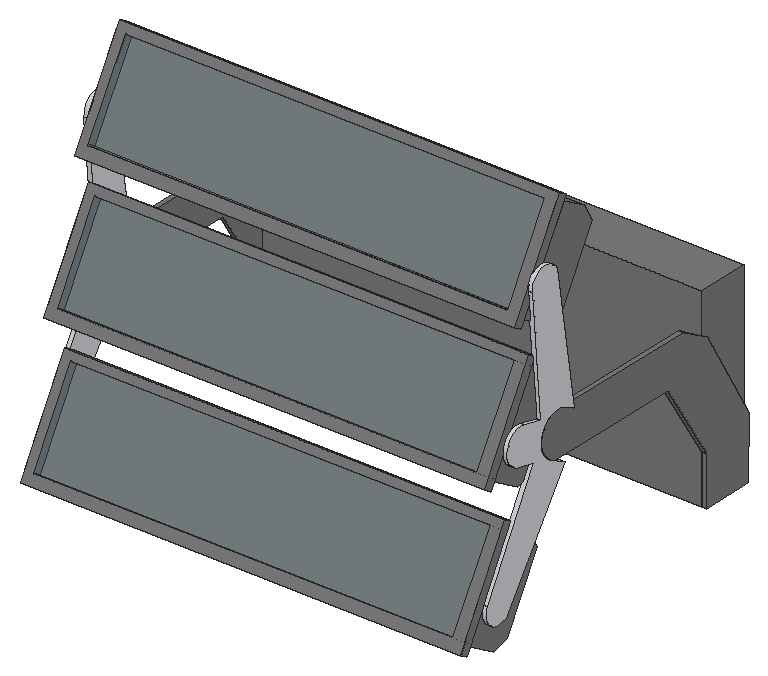
Revit family "Lighting-Floodlights-GEWISS-SPATIUMPRO3-LED-FLOODLIGHT_OPTIC-ASYMMETRICAL_3MODULES", category Apparecchi per illuminazione, host Superficie, Revit 2019
Family settings
  Host = Superficie
  Quota connettore circolare = Usa diametro
  Tipo di parte = Normale
  Taglio con vuoti quando caricato = No
  Sorgente d'illuminazione = Sì
  Condiviso = Sì
  Punto di calcolo locali = Sì
Parameters (values of type "GWP3333AC857 - SPATIUM PRO 3M CL.I A2 CRI 80 5700K")
  larghezza lampada = Lugnezza massima - 24 mm  # 50 mm
  Wiring = "Watertight connector between floodlight and supply unit"
  Weight (kg): = "30 "
  Wattage = 9.2903 W
  Warranty = "5 years"
  Visibilità etichetta [instance] = yes
  Visibilità simbolo [instance] = yes
  Visibilità lampada in pianta [instance] = yes
  Versions = "Cold light 5700K"
  Version file RFA = "21.9"
  Variazione temperatura colore lampada con luminosità attenuata = <Nessuno>
  Unique digital code (Datamatrix) = "Currently not present"
  Unified Glare Rating = "ULOR = 0%"
  URL = "https://www.gewiss.com/ww/en"
  Type of light source = "LED - Not replaceable"
  Tilt- = "Rotation on bracket with integrated goniometer"
  built-in parameter 1150107 = 3200 (stored number, unit not read)
  Technical sheet = "https://www.gewiss.com/ww/en/search?q=GWP3333AC857"
  System power = "1200 W"
  Supply voltage = "See external supply unit"
  Standard- = "EN 60598-1; EN 60598-2-5; IEC/TR 62778; EN 62493"
  Standard Deviation Colour Matching = "SDCM = 5"
  Spostamento_x_effettivo [instance] = 4000 mm - Spostamento_x  # 4000 mm
  Spostamento_x [instance] = 0 mm
  Spostamento_y_effettivo [instance] = 4000 mm - Spostamento_y  # 4000 mm
  Spostamento_y [instance] = 0 mm
  Shock resistance = "IK08"
  Shield type = "Flat tempered glass 4mm"
  Realized by GEWISS S.p.A. = ""
  Rated frequency (Hz) = "See external supply unit"
  ROTAZIONE [instance] = 45
  built-in parameter 1150110 = 1 (stored number, unit not read)
  built-in parameter 1150109 = 1 (stored number, unit not read)
  built-in parameter 1114218 = 1 (stored number, unit not read)
  built-in parameter 1150112 = 1 (stored number, unit not read)
  POSIZIONE = 80000  # constant formula
  Overvoltage protection = "See external supply unit"
  Optic Maintenance = "Not available"
  Optic : = "Lens T.I.R.Ex. in PMMA HT"
  Optic = "Asymmetric 60°"
  Operating temperature : = "-25 +50 °C"
  built-in parameter 1150142 = (empty or 0)
  Mouting and installation = "High-mast lighting - Wall mounting"
  built-in parameter 1150137 = (empty or 0)
  built-in parameter 1150132 = (empty or 0)
  Maximum surface exposed to the wind : = "0,36 m²"
  Luminaire = "High power LED floodlight"
  Lumen output (lm) = "110000 "
  Lugnezza massima = 74 mm
  Default Elevation = 1219.2 mm
  Produttore = "GEWISS S.p.A."
  Modello = "GWP3333AC857"
  Lifetime = "L90B10(Tq25°C)>100.000h; L80B10(Tq25°C)>150.000h"
  LED Maintenance = "Yes"
  built-in parameter 1150105 = 109.82 (stored number, unit not read)
  built-in parameter 1150102 = (empty or 0)
  Insulation class = "I"
  Immagine tipo = SPATIUMpro3.jpg
  built-in parameter 1150106 = 1.0982 (stored number, unit not read)
  IPEA = "LARGE AREAS = B // GREEN AREAS = C"
  IP degree = "IP66"
  IDT = "7e9d96b5-f19d-49c1-94a6-055880650604"
  IDF = "03c426b5-8734-42fa-97cf-48da1bf4a1dc"
  Gasket = "Anti-aging silicone"
  Lumens = 1380 lm
  Fixing = "Bracket"
  Color Filter = 16777215
  File diagramma fotometrico = "generic"
  built-in parameter 1114217 = 1 (stored number, unit not read)
  built-in parameter 1150139 = (empty or 0)
  External screw = "Stainless steel"
  Emetti da lunghezza linea = 609.6 mm
  Efficiency (lm/W) = "92 "
  built-in parameter 1150104 = 13.8 (stored number, unit not read)
  EAN code = ""
  Driver failure rate = "See external supply unit"
  Driver Box = "External"
  Driver = "To be ordered separately"
  Distanza dal host [instance] = 0 mm
  built-in parameter 1150115 = 1 (stored number, unit not read)
  built-in parameter 1150114 = 1 (stored number, unit not read)
  built-in parameter 1150113 = 1 (stored number, unit not read)
  Descrizione = "SPATIUM PRO 3M CL.I A2 CRI 80 5700K"
  Control System = "See external supply unit"
  Context = "Big areas"
  Colour temperature = "5700 K"
  Colour : = "Polyester powder coated"
  Colour = "Graphite grey"
  built-in parameter 1150134 = 3
  built-in parameter 1150138 = (empty or 0)
  Color Rendering Index = "CRI 80"
  Catalogue = "LIGHTING"
  COBie.Tagnumber = ""
  COBie.CreatedOn = ""
  COBie.CreatebBy = ""
  COBie.ComponentRegisterItemID = ""
  COBie.Component.TagNumber = ""
  COBie.Component.Space = ""
  COBie.Component.SerialNumber = ""
  COBie.Component.InstallationDate = ""
  COBie.Component.Description = ""
  COBie.Component.BarCode = ""
  Body = "Die-cast aluminium"
  Application = "Indoor / Outdoor"
  Tilt Angle = 60.00°
  built-in parameter 1150133 = 10 (stored number, unit not read)
Types (12, lengths in mm): name | Versions | Technical sheet | Optic | Lumen output (lm) | Modello | IPEA | IDT | Efficiency (lm/W) | Descrizione | Colour temperature | Color Rendering Index
  GWP3333AB730 - SPATIUM PRO 3M CL.I A1 CRI 70 3000K | "Hot light 3000K" | "https://www.gewiss.com/ww/en/search?q=GWP3333AB730" | "Asymmetric 45°" | "130000 " | "GWP3333AB730" | "LARGE AREAS = A+ // GREEN AREAS = A" | "90d73fe9-fe24-4723-b111-79eae2de43b1" | "108 " | "SPATIUM PRO 3M CL.I A1 CRI 70 3000K" | "3000 K" | "CRI70"
  GWP3333AB740 - SPATIUM PRO 3M CL.I A1 CRI 70 4000K | "Natural light 4000K" | "https://www.gewiss.com/ww/en/search?q=GWP3333AB740" | "Asymmetric 45°" | "138000 " | "GWP3333AB740" | "LARGE AREAS = A++ // GREEN AREAS = A" | "e4c1c58f-11ec-4f77-bdea-c58c67f686ba" | "115 " | "SPATIUM PRO 3M CL.I A1 CRI 70 4000K" | "4000 K" | "CRI70"
  GWP3333AB757 - SPATIUM PRO 3M CL.I A1 CRI 70 5700K | "Cold light 5700K" | "https://www.gewiss.com/ww/en/search?q=GWP3333AB757" | "Asymmetric 45°" | "138000 " | "GWP3333AB757" | "LARGE AREAS = A++ // GREEN AREAS = A" | "18f8e77e-459a-4360-ba62-11f8b30c6827" | "115 " | "SPATIUM PRO 3M CL.I A1 CRI 70 5700K" | "5700 K" | "CRI70"
  GWP3333AB830 - SPATIUM PRO 3M CL.I A1 CRI 80 3000K | "Hot light 3000K" | "https://www.gewiss.com/ww/en/search?q=GWP3333AB830" | "Asymmetric 45°" | "115000 " | "GWP3333AB830" | "LARGE AREAS = A // GREEN AREAS = C" | "3a9f7227-c2d5-4d5c-b3e4-b037b098c7f6" | "96 " | "SPATIUM PRO 3M CL.I A1 CRI 80 3000K" | "3000 K" | "CRI 80"
  GWP3333AB840 - SPATIUM PRO 3M CL.I A1 CRI 80 4000K | "Natural light 4000K" | "https://www.gewiss.com/ww/en/search?q=GWP3333AB840" | "Asymmetric 45°" | "119000 " | "GWP3333AB840" | "LARGE AREAS = A // GREEN AREAS = B" | "403e264e-a079-4530-b86f-67fa5f16341b" | "99 " | "SPATIUM PRO 3M CL.I A1 CRI 80 4000K" | "4000 K" | "CRI 80"
  GWP3333AB857 - SPATIUM PRO 3M CL.I A1 CRI 80 5700K | "Cold light 5700K" | "https://www.gewiss.com/ww/en/search?q=GWP3333AB857" | "Asymmetric 45°" | "119000 " | "GWP3333AB857" | "LARGE AREAS = A // GREEN AREAS = B" | "5dbf3a53-b20e-4c30-8939-c9f2dbcc4537" | "99 " | "SPATIUM PRO 3M CL.I A1 CRI 80 5700K" | "5700 K" | "CRI 80"
  GWP3333AC730 - SPATIUM PRO 3M CL.I A2 CRI 70 3000K | "Hot light 3000K" | "https://www.gewiss.com/ww/en/search?q=GWP3333AC730" | "Asymmetric 60°" | "120000 " | "GWP3333AC730" | "LARGE AREAS = A // GREEN AREAS = B" | "a0169643-b87a-419b-97ed-e669f2e964ea" | "100 " | "SPATIUM PRO 3M CL.I A2 CRI 70 3000K" | "3000 K" | "CRI70"
  GWP3333AC740 - SPATIUM PRO 3M CL.I A2 CRI 70 4000K | "Natural light 4000K" | "https://www.gewiss.com/ww/en/search?q=GWP3333AC740" | "Asymmetric 60°" | "127500 " | "GWP3333AC740" | "LARGE AREAS = A+ // GREEN AREAS = B" | "58026261-6fc1-4975-b856-8bf56e5dc334" | "106 " | "SPATIUM PRO 3M CL.I A2 CRI 70 4000K" | "4000 K" | "CRI70"
  GWP3333AC757 - SPATIUM PRO 3M CL.I A2 CRI 70 5700K | "Cold light 5700K" | "https://www.gewiss.com/ww/en/search?q=GWP3333AC757" | "Asymmetric 60°" | "127500 " | "GWP3333AC757" | "LARGE AREAS = A+ // GREEN AREAS = B" | "07b1abb9-e9d3-4c9e-9fb1-aaeed3472909" | "106 " | "SPATIUM PRO 3M CL.I A2 CRI 70 5700K" | "5700 K" | "CRI70"
  GWP3333AC830 - SPATIUM PRO 3M CL.I A2 CRI 80 3000K | "Hot light 3000K" | "https://www.gewiss.com/ww/en/search?q=GWP3333AC830" | "Asymmetric 60°" | "106000 " | "GWP3333AC830" | "LARGE AREAS = B // GREEN AREAS = C" | "ff536257-c780-4052-9519-7fd00b49ad1e" | "88 " | "SPATIUM PRO 3M CL.I A2 CRI 80 3000K" | "3000 K" | "CRI 80"
  GWP3333AC840 - SPATIUM PRO 3M CL.I A2 CRI 80 4000K | "Natural light 4000K" | "https://www.gewiss.com/ww/en/search?q=GWP3333AC840" | "Asymmetric 60°" | "110000 " | "GWP3333AC840" | "LARGE AREAS = B // GREEN AREAS = C" | "3b0ce009-751b-4bc3-a52c-12ef3eb1349e" | "92 " | "SPATIUM PRO 3M CL.I A2 CRI 80 4000K" | "4000 K" | "CRI 80"
  GWP3333AC857 - SPATIUM PRO 3M CL.I A2 CRI 80 5700K | "Cold light 5700K" | "https://www.gewiss.com/ww/en/search?q=GWP3333AC857" | "Asymmetric 60°" | "110000 " | "GWP3333AC857" | "LARGE AREAS = B // GREEN AREAS = C" | "7e9d96b5-f19d-49c1-94a6-055880650604" | "92 " | "SPATIUM PRO 3M CL.I A2 CRI 80 5700K" | "5700 K" | "CRI 80"
Reference planes
  plane 1 "Centro (Fronte/Retro)": y = 0
  plane 2: z = 0
  plane 3 "Centro (Sinistra/Destra)": x = 0
  plane 4: x = -4000
  plane 5: x = 0
  plane 6: x = 0
  plane 7: y = -4000
  plane 8: y = 0
  plane 9 "a": through (0, -290.182, 34.975) normal (0, -0.7071, 0.7071)
  plane 10: through (-235.047, -128.222, 1219.2) normal (-0.9563, 0.2924, 0)
  plane 11: through (-40, -89.462, 1219.2) normal (0.1564, 0.9877, 0)
  plane 12: through (239.503, 190.64, 1219.2) normal (0.9563, -0.2924, 0)
Dimensions and locks
  plane 4 to plane 3 "Centro (Sinistra/Destra)" = 4000 mm  (x2)
  "Spostamento_x_effettivo": plane 4 to plane 5
  "Spostamento_x_effettivo": plane 6 to plane 4
  "Spostamento_y_effettivo": plane 8 to plane 7
  plane 1 "Centro (Fronte/Retro)" to plane 7 = 4000 mm
  angle plane 11 to plane 12 = 82.00°  (x2)
  angle plane 10 to plane 11 = 98.00°
  aligned and locked: plane 2 to host face
  aligned and locked: level to host face
  aligned and locked: plane 6 to nested 1
  aligned and locked: nested 1 to plane 8
  aligned and locked: plane 8 to nested 2
  aligned and locked: imposter light to nested 2
Automatic sketch dimensions
  host sketch curve to host sketch curve = 2438.4 mm  (x2)
Nested families
  nested 1: "Etichetta light" at (0, 0, 0), visible <- "Visibilità etichetta", type "Etichetta light"
  nested 2: "STADIUM PRO 3_led" at (0, -90, 0), type "STADIUM PRO 3_led"
Definition of nested family "STADIUM PRO 3_led"
  Parameters (values of type "STADIUM PRO 3_led")
    led = none
    l_proiettore = 772 mm
    h_lampada = 58 mm
    Finitura struttura = none
  Reference planes
    plane 1 "Centro (Fronte/Retro)": y = 0
    plane 2: z = 0
    plane 3 "Centro (Sinistra/Destra)": x = 0
    plane 4: x = 386
    plane 5: x = 378
    plane 6: x = -386
    plane 7: x = -378
    plane 8: y = 90
  Forms (mm)
    Extrusion 1, solid, material <- "Finitura struttura"
      sketch origin (0, 0, 0) x (0, 1, 0) y (0, 0, -1)
        loop
          arc (-316.352, -217.267) -> (-353.722, -254.637) -> (-316.352, -292.007) r 37.37
          line (-316.352, -292.007) -> (-48.852, -292.007) -> (0, -263.802) -> (90, -107.918) -> (90, 0) -> (0, 0) -> (0, -85) -> (-82.649, -217.267) -> (-316.352, -217.267)
      from 378 to 386
    Extrusion 2, solid, material <- "Finitura struttura"
      sketch origin (0, 0, 0) x (1, 0, 0) y (0, 1, 0)
        loop
          line (378, 0) -> (378, 90) -> (-378, 90) -> (-378, 0) -> (378, 0)
      from 0 to 333
    Extrusion 3, solid, material <- "Finitura struttura"
      sketch origin (0, 0, 0) x (0, 1, 0) y (0, 0, 1)
        loop
          line (-316.352, 217.267) -> (-82.649, 217.267) -> (0, 85) -> (0, 0) -> (90, 0) -> (90, 107.918) -> (0, 263.802) -> (-48.852, 292.007) -> (-316.352, 292.007)
          arc (-316.352, 292.007) -> (-353.722, 254.637) -> (-316.352, 217.267) r 37.37
      from 378 to 386
    Extrusion 4, solid, material <- "led"
      sketch origin (0, 1268.525, -1383.744) x (0, 0.866025, -0.5) y (0, 0.5, 0.866025)
        loop
          line (-2238.14, 322.274) -> (-2223.14, 322.274) -> (-2223.14, 482.274) -> (-2238.14, 482.274) -> (-2238.14, 322.274)
      from -378 to 378
    Extrusion 5, solid, material <- "Finitura struttura"
      sketch origin (0, 1262.235, -1379.076) x (0, 0.866025, -0.5) y (0, 0.5, 0.866025)
        loop
          line (-2215.359, 316.368) -> (-2156.261, 316.368) -> (-2135.048, 337.581) -> (-2135.048, 467.581) -> (-2165.359, 485.081) -> (-2215.359, 485.081) -> (-2215.359, 316.368)
      from -378 to 378
    Extrusion 6, solid, material <- "Finitura struttura"
      sketch origin (0, -28.39, -231.475) x (1, 0, 0) y (0, 0.5, 0.866025)
        loop
          line (-378, 146.542) -> (-378, -45.315) -> (378, -45.315) -> (378, 146.542) -> (-378, 146.542)
        loop
          line (-362.033, 132.837) -> (-362.033, -27.163) -> (357.967, -27.163) -> (357.967, 132.837) -> (-362.033, 132.837)
      from 523.844 to 538.844
    Extrusion 7, solid, material <- "Finitura struttura", not visible
      sketch origin (0, 1866.103, -348.539) x (0, 1, 0) y (0, 0, 1)
        loop
          line (-2215.359, 316.368) -> (-2156.261, 316.368) -> (-2135.048, 337.581) -> (-2135.048, 467.581) -> (-2165.359, 485.081) -> (-2215.359, 485.081) -> (-2215.359, 316.368)
      from -378 to 378
    Extrusion 8, solid, material <- "Finitura struttura", not visible
      sketch origin (0, 0, 0) x (1, 0, 0) y (0, 0, 1)
        loop
          line (-378, 146.542) -> (-378, -45.315) -> (378, -45.315) -> (378, 146.542) -> (-378, 146.542)
        loop
          line (-362.033, 132.837) -> (-362.033, -27.163) -> (357.967, -27.163) -> (357.967, 132.837) -> (-362.033, 132.837)
      from 349.256 to 364.256
    Extrusion 9, solid, material <- "Finitura struttura"
      sketch origin (0, 1313.7, -1147.467) x (0, 0.866025, -0.5) y (0, 0.5, 0.866025)
        loop
          line (-2215.359, 316.368) -> (-2156.261, 316.368) -> (-2135.048, 337.581) -> (-2135.048, 467.581) -> (-2165.359, 485.081) -> (-2215.359, 485.081) -> (-2215.359, 316.368)
      from -378 to 378
    Extrusion 10, solid, material <- "Finitura struttura"
      sketch origin (0, -128.124, 87.428) x (1, 0, 0) y (0, 0.5, 0.866025)
        loop
          line (-378, 146.542) -> (-378, -45.315) -> (378, -45.315) -> (378, 146.542) -> (-378, 146.542)
        loop
          line (-362.033, 132.837) -> (-362.033, -27.163) -> (357.967, -27.163) -> (357.967, 132.837) -> (-362.033, 132.837)
      from 349.256 to 364.256
    Extrusion 11, solid, material <- "Finitura struttura"
      sketch origin (0, 1379.031, -926.749) x (0, 0.866025, -0.5) y (0, 0.5, 0.866025)
        loop
          line (-2215.359, 316.368) -> (-2156.261, 316.368) -> (-2135.048, 337.581) -> (-2135.048, 467.581) -> (-2165.359, 485.081) -> (-2215.359, 485.081) -> (-2215.359, 316.368)
      from -378 to 378
    Extrusion 12, solid, material <- "Finitura struttura"
      sketch origin (0, -62.793, 308.146) x (1, 0, 0) y (0, 0.5, 0.866025)
        loop
          line (-378, 146.542) -> (-378, -45.315) -> (378, -45.315) -> (378, 146.542) -> (-378, 146.542)
        loop
          line (-362.033, 132.837) -> (-362.033, -27.163) -> (357.967, -27.163) -> (357.967, 132.837) -> (-362.033, 132.837)
      from 349.256 to 364.256
    Extrusion 13, solid, material <- "led", not visible
      sketch origin (0, 1873.885, -376.937) x (0, 1, 0) y (0, 0, 1)
        loop
          line (-2238.14, 322.274) -> (-2223.14, 322.274) -> (-2223.14, 482.274) -> (-2238.14, 482.274) -> (-2238.14, 322.274)
      from -378 to 378
    Extrusion 14, solid, material <- "Finitura struttura", not visible
      sketch origin (0, 1866.103, -376.039) x (0, 1, 0) y (0, 0, 1)
        loop
          line (-2215.359, 316.368) -> (-2156.261, 316.368) -> (-2135.048, 337.581) -> (-2135.048, 467.581) -> (-2165.359, 485.081) -> (-2215.359, 485.081) -> (-2215.359, 316.368)
      from -378 to 378
    Extrusion 15, solid, material <- "Finitura struttura", not visible
      sketch origin (0, 0, -27.5) x (1, 0, 0) y (0, 0, 1)
        loop
          line (-378, 146.542) -> (-378, -45.315) -> (378, -45.315) -> (378, 146.542) -> (-378, 146.542)
        loop
          line (-362.033, 132.837) -> (-362.033, -27.163) -> (357.967, -27.163) -> (357.967, 132.837) -> (-362.033, 132.837)
      from 349.256 to 364.256
    Extrusion 16, solid, material <- "Finitura struttura", not visible
      sketch origin (0, 1794.869, -149.727) x (0, 1, 0) y (0, 0, 1)
        loop
          line (-2215.359, 316.368) -> (-2156.261, 316.368) -> (-2135.048, 337.581) -> (-2135.048, 467.581) -> (-2165.359, 485.081) -> (-2215.359, 485.081) -> (-2215.359, 316.368)
      from -378 to 378
    Extrusion 17, solid, material <- "Finitura struttura", not visible
      sketch origin (0, -71.234, 198.812) x (1, 0, 0) y (0, 0, 1)
        loop
          line (-378, 146.542) -> (-378, -45.315) -> (378, -45.315) -> (378, 146.542) -> (-378, 146.542)
        loop
          line (-362.033, 132.837) -> (-362.033, -27.163) -> (357.967, -27.163) -> (357.967, 132.837) -> (-362.033, 132.837)
      from 349.256 to 364.256
    Extrusion 18, solid, material <- "Finitura struttura", not visible
      sketch origin (0, 1741.088, 74.086) x (0, 1, 0) y (0, 0, 1)
        loop
          line (-2215.359, 316.368) -> (-2156.261, 316.368) -> (-2135.048, 337.581) -> (-2135.048, 467.581) -> (-2165.359, 485.081) -> (-2215.359, 485.081) -> (-2215.359, 316.368)
      from -378 to 378
    Extrusion 19, solid, material <- "Finitura struttura", not visible
      sketch origin (0, -125.015, 422.625) x (1, 0, 0) y (0, 0, 1)
        loop
          line (-378, 146.542) -> (-378, -45.315) -> (378, -45.315) -> (378, 146.542) -> (-378, 146.542)
        loop
          line (-362.033, 132.837) -> (-362.033, -27.163) -> (357.967, -27.163) -> (357.967, 132.837) -> (-362.033, 132.837)
      from 349.256 to 364.256
    Extrusion 20, solid, material <- "led", not visible
      sketch origin (0, 1268.525, -1383.744) x (0, 0.866025, -0.5) y (0, 0.5, 0.866025)
        loop
          line (-2238.14, 322.274) -> (-2223.14, 322.274) -> (-2223.14, 482.274) -> (-2238.14, 482.274) -> (-2238.14, 322.274)
      from -378 to 378
    Extrusion 21, solid, material <- "Finitura struttura", not visible
      sketch origin (0, 1262.235, -1379.076) x (0, 0.866025, -0.5) y (0, 0.5, 0.866025)
        loop
          line (-2215.359, 316.368) -> (-2156.261, 316.368) -> (-2135.048, 337.581) -> (-2135.048, 467.581) -> (-2165.359, 485.081) -> (-2215.359, 485.081) -> (-2215.359, 316.368)
      from -378 to 378
    Extrusion 22, solid, material <- "Finitura struttura", not visible
      sketch origin (0, -28.39, -231.475) x (1, 0, 0) y (0, 0.5, 0.866025)
        loop
          line (-378, 146.542) -> (-378, -45.315) -> (378, -45.315) -> (378, 146.542) -> (-378, 146.542)
        loop
          line (-362.033, 132.837) -> (-362.033, -27.163) -> (357.967, -27.163) -> (357.967, 132.837) -> (-362.033, 132.837)
      from 523.844 to 538.844
    Extrusion 23, solid, material <- "Finitura struttura", not visible
      sketch origin (0, 1379.031, -926.749) x (0, 0.866025, -0.5) y (0, 0.5, 0.866025)
        loop
          line (-2215.359, 316.368) -> (-2156.261, 316.368) -> (-2135.048, 337.581) -> (-2135.048, 467.581) -> (-2165.359, 485.081) -> (-2215.359, 485.081) -> (-2215.359, 316.368)
      from -378 to 378
    Extrusion 24, solid, material <- "Finitura struttura", not visible
      sketch origin (0, -62.793, 308.146) x (1, 0, 0) y (0, 0.5, 0.866025)
        loop
          line (-378, 146.542) -> (-378, -45.315) -> (378, -45.315) -> (378, 146.542) -> (-378, 146.542)
        loop
          line (-362.033, 132.837) -> (-362.033, -27.163) -> (357.967, -27.163) -> (357.967, 132.837) -> (-362.033, 132.837)
      from 349.256 to 364.256
    Extrusion 25, solid, material <- "led"
      sketch origin (0, 1319.99, -1152.136) x (0, 0.866025, -0.5) y (0, 0.5, 0.866025)
        loop
          line (-2238.14, 322.274) -> (-2223.14, 322.274) -> (-2223.14, 482.274) -> (-2238.14, 482.274) -> (-2238.14, 322.274)
      from -378 to 378
    Extrusion 26, solid, material <- "led"
      sketch origin (0, 1386.433, -929.491) x (0, 0.866025, -0.5) y (0, 0.5, 0.866025)
        loop
          line (-2238.14, 322.274) -> (-2223.14, 322.274) -> (-2223.14, 482.274) -> (-2238.14, 482.274) -> (-2238.14, 322.274)
      from -378 to 378
  Dimensions and locks
    locked: plane 5 to plane 4 at 8
    equal spacing: plane 6, plane 3 "Centro (Sinistra/Destra)", plane 4
    "l_proiettore": plane 6 to plane 4
    locked: plane 6 to plane 7 at 8
    locked: plane 1 "Centro (Fronte/Retro)" to plane 8 at 90
    plane 6 to plane 7 = 8 mm
    aligned and locked: level to plane 2
    aligned and locked: Extrusion 1 to plane 7
    aligned and locked: plane 6 to Extrusion 1
    aligned and locked: Extrusion 2 sketch curve to plane 7
    aligned and locked: Extrusion 2 sketch curve to plane 5
    aligned and locked: plane 1 "Centro (Fronte/Retro)" to Extrusion 2
    aligned and locked: plane 8 to Extrusion 2
    aligned and locked: Extrusion 3 to plane 4
    aligned and locked: plane 5 to Extrusion 3
    aligned and locked: plane 4 to nested 1
    aligned and locked: plane 7 to Extrusion 4
    aligned and locked: Extrusion 4 to plane 5
    aligned and locked: Extrusion 5 to Extrusion 1
    aligned and locked: Extrusion 5 to plane 5
    aligned and locked: Extrusion 6 to Extrusion 4  (x2)
    aligned and locked: Extrusion 4 sketch curve to Extrusion 6  (x2)
    aligned and locked: Extrusion 13 sketch curve to Extrusion 15  (x2)
    aligned and locked: Extrusion 20 sketch curve to Extrusion 22  (x2)
  Automatic sketch dimensions
    Extrusion 7 sketch curve to Extrusion 7 sketch curve = 21.213 mm  (x2)
    Extrusion 7 sketch curve to Extrusion 7 sketch curve = 17.5 mm
    Extrusion 8 sketch curve to Extrusion 8 sketch curve = 18.152 mm
    Extrusion 8 sketch curve to Extrusion 8 sketch curve = 13.704 mm
    Extrusion 7 sketch curve to Extrusion 7 sketch curve = 50 mm
    Extrusion 7 sketch curve to Extrusion 7 sketch curve = 59.098 mm
    Extrusion 7 sketch curve to Extrusion 7 sketch curve = 130 mm
    Extrusion 8 sketch curve to Extrusion 8 sketch curve = 15.967 mm
    Extrusion 8 sketch curve to Extrusion 8 sketch curve = 720 mm
    Extrusion 8 sketch curve to Extrusion 8 sketch curve = 20.033 mm
    Extrusion 8 sketch curve to Extrusion 8 sketch curve = 160 mm
    Extrusion 14 sketch curve to Extrusion 14 sketch curve = 21.213 mm  (x2)
    Extrusion 14 sketch curve to Extrusion 14 sketch curve = 17.5 mm
    Extrusion 15 sketch curve to Extrusion 15 sketch curve = 18.152 mm
    Extrusion 15 sketch curve to Extrusion 15 sketch curve = 13.704 mm
    Extrusion 14 sketch curve to Extrusion 14 sketch curve = 50 mm
    Extrusion 14 sketch curve to Extrusion 14 sketch curve = 59.098 mm
    Extrusion 14 sketch curve to Extrusion 14 sketch curve = 130 mm
    Extrusion 15 sketch curve to Extrusion 15 sketch curve = 15.967 mm
    Extrusion 15 sketch curve to Extrusion 15 sketch curve = 720 mm
    Extrusion 15 sketch curve to Extrusion 15 sketch curve = 20.033 mm
    Extrusion 15 sketch curve to Extrusion 15 sketch curve = 160 mm
    Extrusion 16 sketch curve to Extrusion 16 sketch curve = 21.213 mm  (x2)
    Extrusion 16 sketch curve to Extrusion 16 sketch curve = 17.5 mm
    Extrusion 17 sketch curve to Extrusion 17 sketch curve = 18.152 mm
    Extrusion 17 sketch curve to Extrusion 17 sketch curve = 13.704 mm
    Extrusion 16 sketch curve to Extrusion 16 sketch curve = 50 mm
    Extrusion 16 sketch curve to Extrusion 16 sketch curve = 59.098 mm
    Extrusion 16 sketch curve to Extrusion 16 sketch curve = 130 mm
    Extrusion 17 sketch curve to Extrusion 17 sketch curve = 15.967 mm
    Extrusion 17 sketch curve to Extrusion 17 sketch curve = 720 mm
    Extrusion 17 sketch curve to Extrusion 17 sketch curve = 20.033 mm
    Extrusion 17 sketch curve to Extrusion 17 sketch curve = 160 mm
    Extrusion 18 sketch curve to Extrusion 18 sketch curve = 21.213 mm  (x2)
    Extrusion 18 sketch curve to Extrusion 18 sketch curve = 17.5 mm
    Extrusion 19 sketch curve to Extrusion 19 sketch curve = 18.152 mm
    Extrusion 19 sketch curve to Extrusion 19 sketch curve = 13.704 mm
    Extrusion 18 sketch curve to Extrusion 18 sketch curve = 50 mm
    Extrusion 18 sketch curve to Extrusion 18 sketch curve = 59.098 mm
    Extrusion 18 sketch curve to Extrusion 18 sketch curve = 130 mm
    Extrusion 19 sketch curve to Extrusion 19 sketch curve = 15.967 mm
    Extrusion 19 sketch curve to Extrusion 19 sketch curve = 720 mm
    Extrusion 19 sketch curve to Extrusion 19 sketch curve = 20.033 mm
    Extrusion 19 sketch curve to Extrusion 19 sketch curve = 160 mm
    Extrusion 13 sketch curve to Extrusion 13 sketch curve = 15 mm
    Extrusion 21 sketch curve to Extrusion 21 sketch curve = 21.213 mm  (x2)
    Extrusion 21 sketch curve to Extrusion 21 sketch curve = 17.5 mm
    Extrusion 22 sketch curve to Extrusion 22 sketch curve = 18.152 mm
    Extrusion 22 sketch curve to Extrusion 22 sketch curve = 13.704 mm
    Extrusion 21 sketch curve to Extrusion 21 sketch curve = 50 mm
    Extrusion 21 sketch curve to Extrusion 21 sketch curve = 59.098 mm
    Extrusion 21 sketch curve to Extrusion 21 sketch curve = 130 mm
    Extrusion 22 sketch curve to Extrusion 22 sketch curve = 15.967 mm
    Extrusion 22 sketch curve to Extrusion 22 sketch curve = 720 mm
    Extrusion 22 sketch curve to Extrusion 22 sketch curve = 20.033 mm
    Extrusion 22 sketch curve to Extrusion 22 sketch curve = 160 mm
    Extrusion 23 sketch curve to Extrusion 23 sketch curve = 21.213 mm  (x2)
    Extrusion 23 sketch curve to Extrusion 23 sketch curve = 17.5 mm
    Extrusion 24 sketch curve to Extrusion 24 sketch curve = 18.152 mm
    Extrusion 24 sketch curve to Extrusion 24 sketch curve = 13.704 mm
    Extrusion 23 sketch curve to Extrusion 23 sketch curve = 50 mm
    Extrusion 23 sketch curve to Extrusion 23 sketch curve = 59.098 mm
    Extrusion 23 sketch curve to Extrusion 23 sketch curve = 130 mm
    Extrusion 24 sketch curve to Extrusion 24 sketch curve = 15.967 mm
    Extrusion 24 sketch curve to Extrusion 24 sketch curve = 720 mm
    Extrusion 24 sketch curve to Extrusion 24 sketch curve = 20.033 mm
    Extrusion 24 sketch curve to Extrusion 24 sketch curve = 160 mm
    Extrusion 20 sketch curve to Extrusion 20 sketch curve = 15 mm
    Extrusion 1 sketch curve to plane 1 "Centro (Fronte/Retro)" = 0 mm  (x2)
    Extrusion 1 sketch curve to level = 0 mm
    Extrusion 1 sketch curve to plane 8 = 0 mm
    plane 1 "Centro (Fronte/Retro)" to Extrusion 1 sketch curve = 48.852 mm
    Extrusion 1 sketch curve to Extrusion 1 sketch curve = 33.798 mm
    Extrusion 1 sketch curve to Extrusion 1 sketch curve = 233.702 mm
    level to Extrusion 1 sketch curve = 85 mm
    Extrusion 1 sketch curve to Extrusion 1 sketch curve = 22.918 mm
    Extrusion 1 sketch curve to Extrusion 1 sketch curve = 132.267 mm
    Extrusion 1 sketch curve to Extrusion 1 sketch curve = 37.37 mm
    Extrusion 1 sketch curve to Extrusion 1 sketch curve = 28.204 mm
    plane 1 "Centro (Fronte/Retro)" to Extrusion 2 sketch curve = 0 mm
    Extrusion 2 sketch curve to plane 8 = 0 mm
    Extrusion 3 sketch curve to plane 1 "Centro (Fronte/Retro)" = 0 mm  (x2)
    Extrusion 3 sketch curve to level = 0 mm
    Extrusion 3 sketch curve to plane 8 = 0 mm
    plane 1 "Centro (Fronte/Retro)" to Extrusion 3 sketch curve = 48.852 mm
    Extrusion 3 sketch curve to Extrusion 3 sketch curve = 33.798 mm
    Extrusion 3 sketch curve to Extrusion 3 sketch curve = 233.702 mm
    level to Extrusion 3 sketch curve = 85 mm
    Extrusion 3 sketch curve to Extrusion 3 sketch curve = 22.918 mm
    level to Extrusion 3 sketch curve = 217.267 mm
    Extrusion 3 sketch curve to Extrusion 3 sketch curve = 37.37 mm
    Extrusion 3 sketch curve to Extrusion 3 sketch curve = 28.204 mm
    level to Extrusion 4 sketch curve = 152.988 mm
    Extrusion 4 sketch curve to Extrusion 4 sketch curve = 15 mm
    level to Extrusion 5 sketch curve = 2.586 mm
    plane 1 "Centro (Fronte/Retro)" to Extrusion 5 sketch curve = 498.139 mm
    Extrusion 5 sketch curve to Extrusion 5 sketch curve = 50 mm
    Extrusion 5 sketch curve to Extrusion 5 sketch curve = 59.098 mm
    Extrusion 5 sketch curve to Extrusion 5 sketch curve = 21.213 mm  (x2)
    Extrusion 5 sketch curve to Extrusion 5 sketch curve = 130 mm
    Extrusion 5 sketch curve to Extrusion 5 sketch curve = 17.5 mm
    Extrusion 6 sketch curve to plane 7 = 0 mm
    Extrusion 6 sketch curve to plane 5 = 0 mm
    Extrusion 6 sketch curve to plane 7 = 15.967 mm
    plane 5 to Extrusion 6 sketch curve = 20.033 mm
    Extrusion 6 sketch curve to Extrusion 6 sketch curve = 18.152 mm
    Extrusion 6 sketch curve to Extrusion 6 sketch curve = 160 mm
    Extrusion 6 sketch curve to Extrusion 6 sketch curve = 13.704 mm
    level to Extrusion 9 sketch curve = 234.195 mm
    plane 1 "Centro (Fronte/Retro)" to Extrusion 9 sketch curve = 446.674 mm
    Extrusion 9 sketch curve to Extrusion 9 sketch curve = 50 mm
    Extrusion 9 sketch curve to Extrusion 9 sketch curve = 59.098 mm
    Extrusion 9 sketch curve to Extrusion 9 sketch curve = 21.213 mm  (x2)
    Extrusion 9 sketch curve to Extrusion 9 sketch curve = 130 mm
    Extrusion 9 sketch curve to Extrusion 9 sketch curve = 17.5 mm
    Extrusion 10 sketch curve to plane 7 = 0 mm
    Extrusion 10 sketch curve to plane 5 = 0 mm
    Extrusion 10 sketch curve to plane 7 = 15.967 mm
    plane 5 to Extrusion 10 sketch curve = 20.033 mm
    Extrusion 10 sketch curve to Extrusion 10 sketch curve = 18.152 mm
    Extrusion 10 sketch curve to Extrusion 10 sketch curve = 160 mm
    Extrusion 10 sketch curve to Extrusion 10 sketch curve = 13.704 mm
    plane 1 "Centro (Fronte/Retro)" to Extrusion 11 sketch curve = 381.342 mm
    level to Extrusion 11 sketch curve = 454.913 mm
    Extrusion 11 sketch curve to Extrusion 11 sketch curve = 50 mm
    Extrusion 11 sketch curve to Extrusion 11 sketch curve = 59.098 mm
    Extrusion 11 sketch curve to Extrusion 11 sketch curve = 21.213 mm  (x2)
    Extrusion 11 sketch curve to Extrusion 11 sketch curve = 130 mm
    Extrusion 11 sketch curve to Extrusion 11 sketch curve = 17.5 mm
    Extrusion 12 sketch curve to plane 7 = 0 mm
    Extrusion 12 sketch curve to plane 5 = 0 mm
    Extrusion 12 sketch curve to plane 7 = 15.967 mm
    plane 5 to Extrusion 12 sketch curve = 20.033 mm
    Extrusion 12 sketch curve to Extrusion 12 sketch curve = 18.152 mm
    Extrusion 12 sketch curve to Extrusion 12 sketch curve = 160 mm
    Extrusion 12 sketch curve to Extrusion 12 sketch curve = 13.704 mm
    plane 1 "Centro (Fronte/Retro)" to Extrusion 25 sketch curve = 377.16 mm
    level to Extrusion 25 sketch curve = 384.596 mm
    Extrusion 25 sketch curve to Extrusion 25 sketch curve = 15 mm
    Extrusion 25 sketch curve to Extrusion 25 sketch curve = 160 mm
    plane 1 "Centro (Fronte/Retro)" to Extrusion 26 sketch curve = 310.717 mm
    level to Extrusion 26 sketch curve = 607.241 mm
    Extrusion 26 sketch curve to Extrusion 26 sketch curve = 15 mm
    Extrusion 26 sketch curve to Extrusion 26 sketch curve = 160 mm
  Nested families
    nested 1: "STADIUM PRO 3_led_griglia" at (386, -353.722, -71.791) x (-1, 0, 0) z (0, 0, 1), type "STADIUM PRO 3_led_griglia"
    nested 2: "STADIUM PRO 3_led_griglia" at (-386, -351.222, -72.839), type "STADIUM PRO 3_led_griglia"
    nested 3: "STADIUM PRO 3_led_griglia" at (386, -353.722, -89.291) x (-1, 0, 0) z (0, 0, 1), type "STADIUM PRO 3_led_griglia", not visible
  Definition of nested family "STADIUM PRO 3_led_griglia"
    Parameters (values of type "STADIUM PRO 3_led_griglia")
      led = none
      l_proiettore = 772 mm
      h_lampada = 58 mm
      Finitura struttura = none
    Reference planes
      plane 1 "Centro (Fronte/Retro)": y = 0
      plane 2: z = 0
      plane 3 "Centro (Sinistra/Destra)": x = 0
      plane 4: z = 254.637
      plane 5: x = 8
      plane 6: y = -1611.166
    Forms (mm)
      Extrusion 1, solid
        sketch origin (0, -347.045, 155.161) x (0, -0.87462, -0.48481) y (0, 0.48481, -0.87462)
          loop
            line (-481.926, -221.779) -> (-337.46, -36.872) -> (-356.574, -36.872)
            arc (-356.574, -36.872) -> (-393.653, 0.207) -> (-356.574, 37.286) r 37.079
            line (-356.574, 37.286) -> (-319.987, 37.286) -> (-338.868, 253.098)
            arc (-338.868, 253.098) -> (-366.835, 274.557) -> (-390.65, 248.568) r 26.089
            line (-390.65, 248.568) -> (-390.65, 46.034) -> (-424.457, 55.092)
            arc (-424.457, 55.092) -> (-462.1, 33.359) -> (-440.367, -4.284) r 30.735
            line (-440.367, -4.284) -> (-405.737, -13.563) -> (-520.298, -183.407)
            arc (-520.298, -183.407) -> (-516.928, -218.409) -> (-481.926, -221.779) r 27.641
        from 0 to 8
    Dimensions and locks
      plane 3 "Centro (Sinistra/Destra)" to plane 5 = 8 mm
      aligned and locked: level to plane 2
Definition of nested family "Etichetta light"
  Parameters (values of type "ETICHETTA LIGHT")
    COMMENTI = "330W"
  Reference planes
    plane 1: y = 0
    plane 2: x = 0
  Text (mm)
    label "COMMENTI" at (-0.057, 0.105, 0), shows "COMMENTI"
